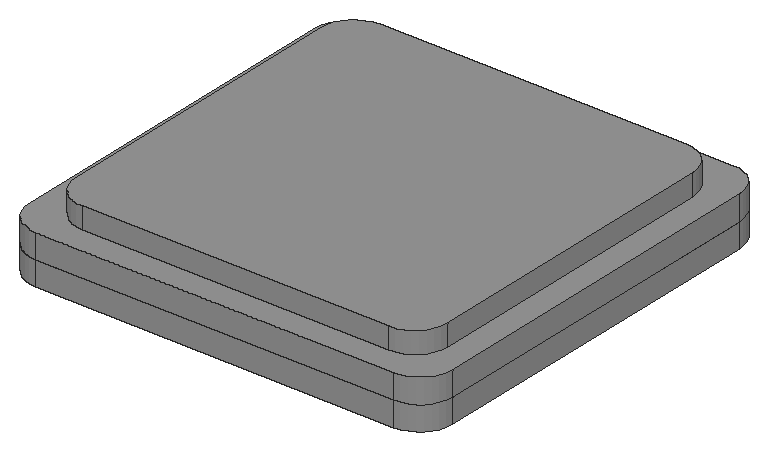
Revit family "FMS2_63_UN_Surface-mounted_ETK", category Lighting Fixtures, Revit 2019 (continued)
Definition of nested family "FMS.2 - Lightsource"
  Types (14, lengths in mm): name | Wattage Comments | Wattage | built-in parameter 1150134 | Photometric Web File | built-in parameter 1150142 | built-in parameter 1150105 | Lumens | built-in parameter 1150107 | built-in parameter 1150106 | Apparent Load
      2.5304\t304.803\t297.0756\r\n289.6344\t281.907\t274.3513\t266.7956\t259.1541\t251.4267\t243.7565\t236.1436\t228.5593\t221.0036\r\n213.4766\t206.0068\t198.5656\t191.1816\t183.8549\t176.5282\t169.2587\t162.3613\t155.7787\t149.1961\r\n142.6707\t136.174\t129.7058\t123.2663\t116.8841\t110.5018\t104.1482\t97.8232\t91.5268\t80.2791\r\n64.996\t49.7416\t34.4585\t19.1725\t3.8895\t0\t0\t0\t0\t0\r\n0\r\n985.6728\t985.1004\t984.528\t983.9556\t983.097\t982.5246\t981.9522\t981.3798\t980.5212\t979.6626\r\n978.804\t977.9454\t976.8006\t975.3696\t973.9386\t972.5076\t971.0766\t969.6456\t968.2146\t966.4974\r\n964.7802\t963.063\t961.3458\t959.6286\t957.6252\t955.6218\t953.6184\t951.615\t949.3254\t947.0358\r\n944.46\t942.1704\t940.167\t937.5912\t934.7292\t932.1534\t929.5776\t927.0018\t924.1398\t921.2778\r\n917.5572\t913.5504\t909.8298\t905.5368\t901.53\t897.237\t893.2302\t889.2234\t885.2166\t881.496\r\n876.9168\t872.6238\t868.0446\t863.7516\t859.1724\t854.307\t849.4416\t845.1486\t840.8556\t836.2764\r\n831.411\t826.5456\t821.9664\t817.101\t812.5218\t807.6564\t802.791\t797.6394\t792.4878\t787.3362\r\n781.8984\t776.7468\t771.8814\t766.4436\t759.861\t753.5646\t747.2682\t741.258\t735.2478\t728.6652\r\n722.0826\t715.7862\t709.4898\t703.4796\t696.897\t690.6006\t684.018\t677.7216\t671.4252\t664.8426\r\n658.26\t651.6774\t645.0948\t638.226\t631.9296\t625.347\t619.0506\t612.468\t605.8854\t598.7304\r\n591.5754\t584.4204\t576.9792\t569.2518\t561.8106\t554.6556\t547.2144\t540.0594\t532.6182\t525.177\r\n518.022\t510.867\t503.712\t496.557\t489.1158\t481.9608\t474.8058\t467.6508\t460.4958\t452.7684\r\n444.7548\t436.7412\t428.7276\t420.714\t412.7004\t404.6868\t396.6732\t388.9458\t381.2184\t373.491\r\n365.7636\t358.0362\t350.595\t342.8676\t335.1402\t327.4128\t319.113\t311.0994\t303.0858\t295.3584\r\n287.631\t279.8464\t272.1762\t264.506\t256.8931\t249.3088\t241.8104\t234.3119\t226.8135\t219.2006\r\n211.6735\t204.2037\t196.877\t189.5789\t182.338\t175.1258\t167.9422\t160.8158\t153.718\t146.6775\r\n140.0663\t133.7413\t127.4735\t121.2343\t115.0238\t108.8419\t102.6886\t96.5925\t90.5251\t84.4862\r\n77.7319\t62.1626\t46.5934\t31.0241\t15.4348\t0\t0\t0\t0\t0\r\n0\r\n985.6728\t985.1004\t984.528\t983.9556\t983.3832\t982.8108\t982.2384\t981.666\t980.8074\t979.9488\r\n979.0902\t978.2316\t976.8006\t975.3696\t973.9386\t972.7938\t971.3628\t969.9318\t968.2146\t966.4974\r\n964.7802\t963.063\t961.3458\t959.3424\t957.339\t955.3356\t953.046\t951.0426\t948.4668\t945.891\r\n943.6014\t941.598\t938.736\t935.874\t933.2982\t930.4362\t927.8604\t924.9984\t922.1364\t918.9882\r\n915.84\t912.4056\t908.9712\t905.5368\t902.3886\t898.9542\t895.2336\t891.2268\t886.9338\t882.6408\r\n878.0616\t873.7686\t868.617\t863.7516\t859.1724\t854.8794\t850.5864\t845.4348\t840.5694\t835.704\r\n830.8386\t825.9732\t821.1078\t815.9562\t810.8046\t805.3668\t800.2152\t794.7774\t789.6258\t784.7604\r\n779.3226\t773.5986\t768.1608\t763.0092\t757.5714\t751.8474\t745.8372\t740.3994\t734.9616\t729.5238\r\n723.7998\t718.0758\t711.7794\t705.1968\t698.6142\t691.7454\t685.1628\t678.294\t671.7114\t664.8426\r\n658.26\t651.3912\t644.5224\t637.9398\t631.071\t624.2022\t617.0472\t610.1784\t603.0234\t596.1546\r\n589.2858\t582.1308\t575.262\t568.107\t561.5244\t554.6556\t547.7868\t540.6318\t533.1906\t525.4632\r\n517.7358\t510.2946\t502.5672\t495.126\t487.1124\t479.385\t471.9438\t464.2164\t456.7752\t449.334\r\n441.6066\t434.1654\t426.7242\t419.283\t411.8418\t404.6868\t397.2456\t389.5182\t381.2184\t373.2048\r\n364.905\t356.8914\t348.8778\t340.8642\t332.8506\t325.1232\t317.1096\t309.3822\t301.6548\t293.9274\r\n286.4862\t278.9019\t271.06\t263.1323\t255.2332\t247.4485\t239.7211\t232.1082\t224.5811\t217.1399\r\n209.7274\t202.4006\t195.1312\t187.8617\t180.6208\t173.4658\t166.3967\t159.3848\t152.4301\t145.5327\r\n138.6925\t131.9096\t125.1839\t118.8016\t112.7628\t106.7812\t100.8283\t94.9612\t89.0941\t83.2842\r\n77.503\t71.779\t60.6172\t44.5327\t28.4282\t12.3238\t0\t0\t0\t0\r\n0\r\n985.6728\t985.1004\t984.528\t983.9556\t983.6694\t983.097\t982.5246\t981.9522\t981.0936\t980.5212\r\n979.6626\t978.5178\t977.0868\t975.6558\t974.2248\t973.08\t971.649\t970.218\t968.5008\t966.7836\r\n965.0664\t963.3492\t961.3458\t959.3424\t957.339\t955.3356\t953.046\t950.4702\t947.8944\t945.6048\r\n943.3152\t940.4532\t937.5912\t935.0154\t932.4396\t929.5776\t926.7156\t923.5674\t920.4192\t916.9848\r\n913.5504\t910.116\t906.6816\t903.2472\t900.099\t896.6646\t892.944\t889.5096\t885.5028\t881.7822\r\n877.4892\t873.1962\t869.1894\t865.755\t861.462\t856.8828\t852.0174\t847.152\t842.0004\t837.135\r\n831.9834\t826.8318\t821.394\t816.2424\t811.0908\t805.653\t800.5014\t795.0636\t789.3396\t783.6156\r\n778.464\t773.0262\t767.016\t761.0058\t755.2818\t749.5578\t743.8338\t738.1098\t732.0996\t726.0894\r\n720.0792\t714.069\t708.0588\t702.0486\t696.0384\t690.0282\t683.7318\t677.7216\t671.4252\t665.1288\r\n659.1186\t652.8222\t646.2396\t639.657\t633.0744\t626.2056\t618.7644\t611.6094\t604.1682\t597.0132\r\n589.8582\t582.417\t574.9758\t567.5346\t560.3796\t552.9384\t545.4972\t538.056\t530.6148\t523.1736\r\n515.7324\t508.5774\t501.1362\t493.695\t486.2538\t478.8126\t471.6576\t464.2164\t456.7752\t449.334\r\n441.3204\t433.3068\t425.2932\t417.5658\t409.5522\t401.8248\t393.8112\t386.0838\t378.0702\t370.3428\r\n362.9016\t355.1742\t347.733\t340.0056\t332.2782\t324.837\t317.1096\t308.8098\t300.7962\t292.7826\r\n284.7404\t276.7554\t268.8563\t261.043\t253.3442\t245.7027\t238.1184\t230.6772\t223.2932\t215.6517\r\n208.1246\t200.7121\t193.3567\t186.0872\t178.8178\t171.6914\t164.6222\t157.6962\t150.856\t144.0158\r\n137.2329\t130.5358\t123.8387\t117.1703\t110.5304\t103.9192\t97.4511\t91.4123\t85.4021\t79.4777\r\n73.6393\t67.8294\t62.1054\t56.41\t41.3273\t25.24\t9.1813\t0\t0\t0\r\n0\r\n985.6728\t985.1004\t984.8142\t984.2418\t983.6694\t983.3832\t982.8108\t982.2384\t981.666\t980.8074\r\n979.9488\t978.804\t977.373\t975.942\t974.7972\t973.3662\t971.9352\t970.5042\t968.787\t967.0698\r\n965.6388\t963.6354\t961.632\t959.6286\t957.6252\t955.6218\t953.046\t950.4702\t948.1806\t946.1772\r\n943.029\t940.167\t937.5912\t934.7292\t932.1534\t929.2914\t926.1432\t922.7088\t919.5606\t916.1262\r\n912.6918\t908.9712\t905.5368\t902.3886\t898.668\t895.2336\t891.513\t887.5062\t883.4994\t879.2064\r\n874.9134\t871.1928\t867.186\t862.893\t858.3138\t854.0208\t849.4416\t844.8624\t840.5694\t835.704\r\n830.8386\t826.2594\t821.394\t816.5286\t811.6632\t806.7978\t801.36\t796.2084\t791.343\t785.9052\r\n779.895\t773.8848\t768.1608\t762.4368\t756.4266\t750.7026\t744.6924\t738.396\t732.0996\t725.8032\r\n719.793\t713.7828\t707.4864\t701.19\t694.6074\t688.311\t682.0146\t675.7182\t669.1356\t662.2668\r\n655.6842\t649.1016\t642.519\t635.9364\t629.0676\t622.485\t615.9024\t609.0336\t601.8786\t595.0098\r\n588.4272\t581.5584\t574.4034\t567.5346\t560.3796\t553.5108\t546.642\t539.487\t532.6182\t525.4632\r\n518.022\t510.2946\t502.5672\t494.8398\t487.1124\t479.0988\t471.0852\t463.3578\t455.3442\t447.6168\r\n439.8894\t432.162\t424.1484\t416.1348\t408.4074\t400.68\t392.9526\t385.2252\t377.4978\t369.7704\r\n362.043\t354.3156\t346.302\t338.2884\t330.2748\t322.2612\t314.2476\t305.9478\t298.2204\t290.493\r\n282.737\t275.0382\t267.4253\t259.8696\t252.3998\t244.9872\t237.5174\t229.6755\t221.8622\t214.1348\r\n206.5219\t198.9949\t191.6109\t184.37\t177.2723\t170.289\t163.1912\t155.9218\t148.6523\t141.4114\r\n134.1992\t126.9583\t119.7461\t112.5338\t105.4075\t98.3097\t91.3837\t84.6293\t78.0181\t71.6072\r\n65.9691\t60.6744\t55.4656\t50.3712\t45.3627\t37.9787\t22.1662\t6.3937\t0\t0\r\n0\r\n985.6728\t985.3866\t984.8142\t984.528\t983.9556\t983.6694\t983.097\t982.5246\t981.9522\t981.3798\r\n980.5212\t979.3764\t977.9454\t976.5144\t975.3696\t973.9386\t972.7938\t971.0766\t969.6456\t967.9284\r\n966.2112\t964.494\t962.4906\t960.4872\t958.4838\t956.1942\t953.3322\t951.0426\t949.0392\t946.4634\r\n943.6014\t940.7394\t938.1636\t935.3016\t932.7258\t929.5776\t926.4294\t922.995\t919.5606\t916.1262\r\n912.6918\t909.2574\t905.5368\t902.1024\t898.668\t894.9474\t890.9406\t887.22\t882.927\t878.634\r\n874.6272\t870.6204\t866.0412\t861.7482\t857.169\t852.5898\t848.0106\t843.7176\t838.8522\t833.9868\r\n829.1214\t824.256\t819.3906\t814.5252\t809.0874\t803.9358\t798.498\t793.3464\t787.9086\t782.4708\r\n777.033\t771.8814\t766.1574\t760.4334\t754.7094\t748.9854\t743.2614\t737.2512\t731.241\t725.517\r\n719.793\t713.4966\t707.4864\t701.4762\t695.1798\t689.1696\t682.8732\t676.2906\t669.708\t663.4116\r\n657.1152\t650.2464\t643.3776\t636.795\t629.9262\t622.7712\t615.6162\t609.0336\t602.1648\t594.7236\r\n587.2824\t580.1274\t572.9724\t565.8174\t558.6624\t551.5074\t544.3524\t536.9112\t529.1838\t521.7426\r\n514.5876\t507.1464\t499.419\t491.9778\t484.5366\t477.0954\t469.6542\t462.213\t454.4856\t447.0444\r\n439.317\t431.8758\t424.1484\t416.7072\t408.9798\t401.5386\t393.8112\t386.0838\t378.3564\t370.9152\r\n362.6154\t354.3156\t346.0158\t338.0022\t329.9886\t321.6888\t313.6752\t305.6616\t297.9342\t289.9206\r\n281.8498\t273.922\t266.0801\t258.3241\t250.6826\t243.1269\t235.5712\t227.8438\t220.0306\t212.3604\r\n204.7761\t197.3921\t190.094\t182.8818\t175.7554\t168.8294\t162.0178\t154.9487\t147.3071\t139.637\r\n131.881\t124.0105\t116.1113\t108.1836\t100.399\t92.8433\t85.5166\t78.4188\t71.55\t65.1677\r\n59.272\t53.6053\t48.1961\t43.1876\t39.0949\t35.1454\t31.3103\t21.0157\t4.3302\t0\r\n0\r\n985.6728\t985.3866\t984.8142\t984.528\t984.2418\t983.9556\t983.3832\t983.097\t982.5246\t981.666\r\n981.0936\t979.6626\t978.5178\t977.0868\t975.942\t974.7972\t973.3662\t971.9352\t970.5042\t969.0732\r\n967.356\t965.3526\t963.3492\t961.632\t959.6286\t957.0528\t954.477\t952.1874\t950.184\t947.322\r\n944.46\t941.8842\t939.3084\t936.7326\t934.1568\t930.7224\t927.288\t924.1398\t920.7054\t917.271\r\n913.8366\t910.116\t906.6816\t903.2472\t899.5266\t895.806\t892.0854\t888.0786\t884.0718\t879.7788\r\n875.4858\t871.1928\t866.8998\t862.3206\t857.7414\t853.1622\t848.8692\t844.29\t839.4246\t834.5592\r\n829.6938\t824.8284\t819.6768\t814.5252\t809.3736\t803.9358\t798.498\t793.0602\t787.6224\t782.4708\r\n777.3192\t771.5952\t765.585\t759.861\t754.137\t748.413\t742.4028\t736.3926\t730.3824\t724.3722\r\n718.362\t712.3518\t706.0554\t699.759\t693.4626\t686.88\t680.5836\t674.001\t667.7046\t661.122\r\n654.2532\t647.6706\t641.088\t634.5054\t627.6366\t620.7678\t614.1852\t607.3164\t600.1614\t593.0064\r\n586.1376\t578.9826\t572.1138\t564.9588\t557.8038\t550.6488\t543.2076\t535.7664\t528.3252\t521.1702\r\n513.729\t506.574\t499.1328\t491.6916\t484.2504\t476.523\t468.7956\t461.3544\t453.627\t446.1858\r\n438.4584\t430.731\t423.2898\t415.5624\t407.835\t400.1076\t392.3802\t384.3666\t376.353\t368.3394\r\n360.612\t352.5984\t344.871\t336.8574\t328.5576\t320.544\t312.8166\t305.0892\t297.0756\t289.062\r\n281.077\t273.1493\t265.3074\t257.5228\t249.7954\t242.1538\t234.5409\t226.9852\t219.4868\t212.0742\r\n204.7189\t197.3635\t190.094\t182.9963\t175.4692\t167.9422\t160.501\t153.346\t146.2196\t139.3794\r\n132.6537\t126.0139\t119.4599\t112.6197\t104.4344\t96.1918\t88.0065\t79.8498\t71.8934\t64.4809\r\n57.3831\t50.8005\t44.8189\t39.5242\t34.6588\t30.4517\t26.6338\t24.0465\t22.2893\t3.1396\r\n0\r\n985.6728\t985.3866\t985.1004\t984.8142\t984.528\t984.2418\t983.9556\t983.3832\t982.8108\t982.2384\r\n981.666\t980.5212\t979.0902\t977.9454\t976.8006\t975.6558\t974.511\t973.08\t971.649\t970.218\r\n968.787\t966.7836\t964.7802\t963.063\t961.3458\t958.4838\t955.908\t953.9046\t951.9012\t949.0392\r\n946.1772\t943.6014\t941.0256\t938.736\t936.1602\t932.7258\t929.2914\t926.1432\t922.995\t919.5606\r\n915.84\t912.4056\t908.9712\t905.5368\t902.1024\t898.3818\t894.6612\t890.6544\t886.9338\t882.3546\r\n878.0616\t873.7686\t869.4756\t864.8964\t860.3172\t856.0242\t851.7312\t847.152\t842.2866\t837.4212\r\n832.5558\t827.6904\t822.825\t817.3872\t812.2356\t806.7978\t801.36\t795.9222\t790.7706\t785.619\r\n780.4674\t774.4572\t768.447\t763.0092\t757.2852\t751.5612\t745.551\t739.5408\t733.5306\t727.5204\r\n721.5102\t715.5\t709.2036\t702.621\t696.0384\t690.0282\t684.018\t677.4354\t670.8528\t663.984\r\n657.1152\t650.8188\t644.2362\t637.3674\t630.4986\t623.6298\t617.0472\t609.8922\t603.0234\t595.8684\r\n588.7134\t581.8446\t574.6896\t567.5346\t560.3796\t553.2246\t545.7834\t538.3422\t530.901\t523.4598\r\n516.0186\t508.8636\t501.7086\t493.9812\t486.54\t478.8126\t471.0852\t463.0716\t455.3442\t447.903\r\n440.1756\t432.4482\t424.7208\t416.7072\t408.9798\t400.9662\t393.2388\t385.2252\t377.4978\t369.198\r\n361.1844\t353.457\t345.7296\t338.0022\t329.9886\t321.975\t314.2476\t306.234\t298.2204\t290.2068\r\n281.9642\t274.2082\t266.4808\t258.6389\t250.7684\t243.0697\t235.3423\t227.7293\t220.1164\t212.4749\r\n204.8333\t197.3635\t189.8937\t182.4239\t174.9541\t167.7418\t160.5296\t153.5177\t146.5058\t139.6942\r\n132.8827\t126.3573\t119.8033\t113.4497\t107.1247\t100.771\t94.446\t88.6934\t82.9408\t77.3312\r\n71.7503\t66.5987\t61.4471\t56.5245\t51.5732\t47.3661\t43.159\t40.4114\t37.6353\t36.9198\r\n19.8108\r\n985.6728\t985.3866\t984.8142\t984.528\t984.2418\t983.9556\t983.3832\t982.8108\t982.2384\t981.666\r\n981.0936\t979.6626\t978.2316\t977.0868\t975.6558\t974.511\t973.3662\t971.649\t970.218\t968.787\r\n967.0698\t965.0664\t963.063\t961.3458\t959.3424\t956.7666\t953.9046\t951.9012\t949.8978\t947.0358\r\n944.1738\t941.3118\t938.736\t936.1602\t933.5844\t930.15\t926.7156\t923.5674\t920.4192\t916.9848\r\n913.2642\t909.5436\t906.1092\t902.3886\t898.9542\t895.2336\t891.513\t887.5062\t883.4994\t879.2064\r\n874.9134\t870.3342\t866.0412\t861.462\t856.8828\t852.3036\t848.0106\t843.4314\t838.566\t833.7006\r\n828.8352\t823.6836\t818.8182\t813.6666\t808.2288\t802.791\t797.6394\t792.2016\t786.7638\t781.6122\r\n776.1744\t770.4504\t764.7264\t759.0024\t753.2784\t747.2682\t741.5442\t735.534\t729.5238\t723.5136\r\n717.5034\t711.207\t704.9106\t698.328\t692.0316\t685.7352\t679.4388\t673.1424\t666.5598\t659.691\r\n653.1084\t646.5258\t639.9432\t633.3606\t626.4918\t619.623\t612.7542\t605.8854\t599.0166\t591.8616\r\n584.7066\t577.5516\t570.3966\t563.5278\t556.3728\t549.2178\t542.0628\t534.6216\t527.4666\t520.0254\r\n512.5842\t505.4292\t497.7018\t490.2606\t482.8194\t475.3782\t467.6508\t460.2096\t452.4822\t444.7548\r\n437.0274\t429.5862\t421.8588\t414.1314\t406.404\t398.6766\t390.9492\t382.9356\t374.922\t366.9084\r\n359.181\t351.4536\t343.44\t335.4264\t327.1266\t319.113\t311.0994\t303.372\t295.3584\t287.3448\r\n279.4457\t271.6324\t263.7905\t255.9773\t248.2499\t240.5797\t232.9668\t225.4397\t217.9127\t210.4142\r\n202.973\t195.6749\t188.4341\t181.3649\t173.8379\t166.4253\t159.0986\t151.915\t144.8172\t137.8625\r\n131.0224\t124.4111\t118.0003\t111.7039\t105.293\t99.0252\t93.0722\t87.3482\t81.8818\t76.072\r\n70.4052\t64.996\t59.8158\t54.8932\t50.314\t45.9637\t41.9283\t39.3811\t37.807\t5.3748\r\n0\r\n985.6728\t985.1004\t984.8142\t984.2418\t983.9556\t983.3832\t983.097\t982.2384\t981.666\t980.8074\r\n980.235\t978.804\t977.373\t976.2282\t974.7972\t973.6524\t972.2214\t970.7904\t969.0732\t967.6422\r\n965.925\t963.9216\t961.9182\t959.9148\t957.9114\t955.3356\t952.7598\t950.184\t948.1806\t945.6048\r\n942.4566\t939.8808\t937.0188\t934.443\t931.8672\t928.719\t925.2846\t921.8502\t918.702\t915.2676\r\n911.547\t908.1126\t904.392\t900.6714\t897.237\t893.5164\t889.7958\t885.789\t881.7822\t877.7754\r\n873.4824\t868.9032\t864.324\t859.7448\t855.1656\t850.8726\t846.2934\t841.7142\t837.135\t832.5558\r\n827.4042\t822.5388\t817.3872\t812.5218\t807.084\t801.9324\t796.4946\t791.343\t785.9052\t780.4674\r\n775.0296\t769.878\t764.154\t758.7162\t752.9922\t747.2682\t741.258\t735.534\t729.5238\t723.5136\r\n717.5034\t711.7794\t705.483\t698.9004\t692.604\t686.5938\t680.2974\t674.001\t667.7046\t661.122\r\n654.5394\t648.243\t641.3742\t634.5054\t627.3504\t620.4816\t613.3266\t606.1716\t599.0166\t592.1478\r\n584.9928\t577.8378\t570.3966\t563.2416\t555.8004\t548.6454\t541.4904\t534.0492\t526.8942\t519.453\r\n512.0118\t504.5706\t497.1294\t489.6882\t481.9608\t474.5196\t467.0784\t459.6372\t451.9098\t444.1824\r\n436.7412\t429.0138\t421.5726\t413.8452\t406.404\t398.6766\t390.9492\t383.2218\t375.4944\t368.0532\r\n360.0396\t351.4536\t343.1538\t335.1402\t327.1266\t318.8268\t310.8132\t302.7996\t294.786\t286.7724\r\n278.7302\t270.8597\t263.1037\t255.4049\t247.6489\t239.9787\t232.3944\t224.6956\t216.8824\t209.2122\r\n201.6279\t194.2153\t186.86\t179.5905\t172.4355\t165.4522\t158.6693\t151.7146\t144.4738\t137.4046\r\n130.45\t123.7243\t117.113\t110.7022\t104.4058\t98.2525\t92.2423\t86.4038\t80.737\t75.1847\r\n69.6611\t64.2519\t58.9858\t54.0632\t49.9419\t45.9351\t42.0428\t28.6772\t5.9272\t0\r\n0\r\n985.6728\t985.1004\t984.528\t984.2418\t983.6694\t983.097\t982.5246\t981.9522\t981.0936\t980.235\r\n979.3764\t978.2316\t976.8006\t975.3696\t973.9386\t972.7938\t971.3628\t969.9318\t968.2146\t966.4974\r\n964.7802\t963.063\t961.0596\t958.77\t956.7666\t954.7632\t951.9012\t949.0392\t947.0358\t944.7462\r\n941.8842\t938.736\t936.1602\t933.5844\t930.7224\t927.8604\t924.7122\t921.2778\t918.1296\t914.6952\r\n911.2608\t907.5402\t904.1058\t900.3852\t896.6646\t892.944\t889.2234\t885.5028\t881.496\t877.7754\r\n873.7686\t869.1894\t864.8964\t860.3172\t855.738\t851.1588\t846.8658\t842.2866\t837.7074\t833.1282\r\n828.549\t823.6836\t818.8182\t813.6666\t808.8012\t803.6496\t798.498\t793.3464\t788.1948\t782.757\r\n777.033\t771.0228\t765.2988\t759.2886\t753.5646\t747.8406\t741.5442\t735.534\t729.2376\t723.2274\r\n716.931\t710.6346\t704.3382\t698.0418\t691.7454\t684.8766\t678.5802\t671.9976\t665.415\t659.1186\r\n652.536\t645.6672\t639.0846\t632.2158\t625.6332\t619.0506\t612.1818\t605.313\t598.4442\t591.5754\r\n584.9928\t578.124\t570.969\t563.814\t556.9452\t550.0764\t542.9214\t535.7664\t528.8976\t522.0288\r\n514.3014\t506.2878\t498.2742\t490.833\t483.1056\t475.092\t467.3646\t459.351\t451.6236\t443.61\r\n435.8826\t428.1552\t420.1416\t412.128\t404.1144\t396.387\t388.6596\t380.9322\t372.9186\t365.1912\r\n357.4638\t349.7364\t342.009\t333.7092\t325.4094\t317.3958\t309.6684\t301.6548\t293.6412\t285.8566\r\n278.0719\t270.3731\t262.7602\t255.1473\t247.5916\t240.0646\t232.3658\t224.2377\t216.3672\t208.6398\r\n200.9696\t193.3567\t185.8869\t178.5029\t171.2621\t164.1071\t157.0093\t150.026\t143.1572\t136.4029\r\n129.7
